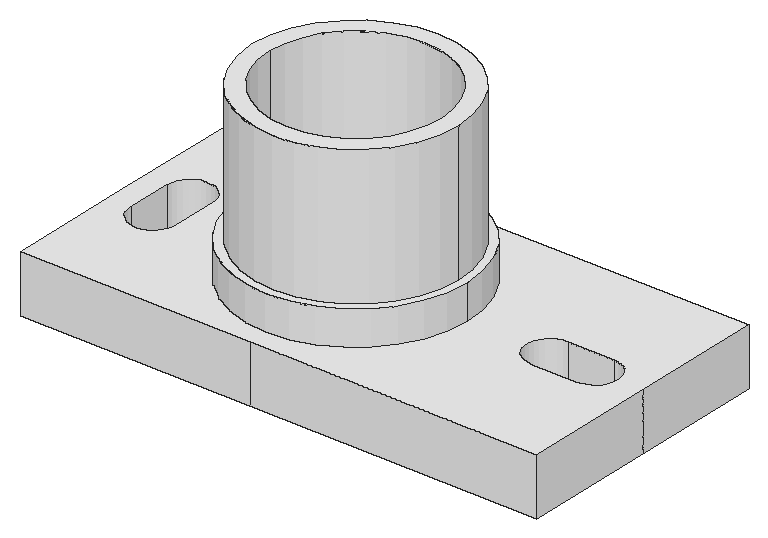
Revit family "QSS+_Опорная площадка", category Обобщенные модели, Revit 2019
Family settings
  Может служить основой для арматурных стержней = Нет
  Размер круглого соединителя = Использовать диаметр
  Тип детали = Нормальный
  На основе рабочей плоскости = Нет
  Всегда вертикально = Нет
  При загрузке вырезать с полостями = Нет
  Общий = Да
  Точка расчета площади = Нет
Parameters (values of type "QSS+_1/2"")
  Тип длины [instance] = 1000 mm
  Поиск в таблице имен = "QSS_Опорная площадка"
  Материал_Корпус = Металл
  d2 [instance] = DN + 4.5 mm  # 19.5 mm
  d1 [instance] = DN + 3 mm  # 18 mm
  DN [instance] = 15 mm
  ADSK_Примечание = ""
  ADSK_Позиция [instance] = ""
  ADSK_Обозначение = ""
  ADSK_Наименование [instance] = size_lookup(Поиск в таблице имен, "ADSK_Наименование", "Нет в каталоге", DN)  # "Опорная площадка анкер М8 / 1/2''"
  ADSK_Масса_Текст [instance] = ""
  ADSK_Масса [instance] = 0
  ADSK_Марка = ""
  ADSK_Код изделия [instance] = size_lookup(Поиск в таблице имен, "ADSK_Код изделия", "Решение не найдено", DN)  # "QSS-OPZ-112389"
  ADSK_Завод-изготовитель = "Agpipe"  # constant formula
  ADSK_Единица измерения = "шт."  # constant formula
Types (3, lengths in mm): name | d2 | d1 | DN | ADSK_Наименование | ADSK_Код изделия
  QSS+_М10 | 14.5 | 13 | 10 | "Опорная площадка анкер М8 / M10" | "QSS-OPZ-112395"
  QSS+_М12 | 16.5 | 15 | 12 | "Опорная площадка анкер М8 / M12" | "QSS-OPZ-112401"
  QSS+_1/2" | 19.5 | 18 | 15 | "Опорная площадка анкер М8 / 1/2''" | "QSS-OPZ-112389"
Reference planes
  plane 1 "По центру (Вперед/Назад)": y = 0
  plane 2: z = 0
  plane 3 "По центру (Влево/Вправо)": x = 0
Forms (mm)
  Extrusion 1, solid, material "Металл" <- "Материал_Корпус"
    sketch origin (0, 0, 0) x (1, 0, 0) y (0, 1, 0)
      loop
        circle (0, 0) r 9
      loop
        circle (0, 0) r 7.5
    from 0 to 20
  Extrusion 2, solid, material "Металл" <- "Материал_Корпус"
    sketch origin (0, 0, 0) x (1, 0, 0) y (0, 1, 0)
      loop
        circle (0, 0) r 9
      loop
        line (0, 11.5) -> (-20, 11.5) -> (-20, 0) -> (-20, -11.5) -> (0, -11.5) -> (25, -11.5) -> (25, 0) -> (25, 11.5) -> (0, 11.5)
      loop
        arc (-18, -2) -> (-16, -4) -> (-14, -2) r 2
        line (-14, -2) -> (-14, 2)
        arc (-14, 2) -> (-16, 4) -> (-18, 2) r 2
        line (-18, 2) -> (-18, -2)
      loop
        line (20.889, 2) -> (16.889, 2)
        arc (16.889, 2) -> (14.889, 0) -> (16.889, -2) r 2
        line (16.889, -2) -> (20.889, -2)
        arc (20.889, -2) -> (22.889, 0) -> (20.889, 2) r 2
    from 0 to 5
  Extrusion 3, solid, material "Металл"
    sketch origin (0, 0, 0) x (1, 0, 0) y (0, 1, 0)
      loop
        circle (0, 0) r 9
      loop
        circle (0, 0) r 9.75
    from 5 to 8
Dimensions and locks
  "DN": diameter of Extrusion 1 sketch curve
  "d1": diameter of Extrusion 1 sketch curve
  "d1": diameter of Extrusion 2 sketch curve
  "d1": diameter of Extrusion 3 sketch curve
  "d2": diameter of Extrusion 3 sketch curve
  aligned and locked: level to plane 2
  aligned and locked: Extrusion 3 to Extrusion 2
Automatic sketch dimensions
  Extrusion 1 sketch curve to Extrusion 1 sketch curve = 0 mm  (x2)
  plane 1 "По центру (Вперед/Назад)" to Extrusion 1 sketch curve = 0 mm
  Extrusion 1 sketch curve to plane 3 "По центру (Влево/Вправо)" = 0 mm
  plane 1 "По центру (Вперед/Назад)" to Extrusion 2 sketch curve = 0 mm  (x4)
  Extrusion 2 sketch curve to plane 3 "По центру (Влево/Вправо)" = 0 mm  (x3)
  Extrusion 2 sketch curve to plane 1 "По центру (Вперед/Назад)" = 2 mm  (x2)
  Extrusion 2 sketch curve to plane 3 "По центру (Влево/Вправо)" = 14 mm
  Extrusion 2 sketch curve to Extrusion 2 sketch curve = 2 mm  (x2)
  plane 3 "По центру (Влево/Вправо)" to Extrusion 2 sketch curve = 16.889 mm
  Extrusion 2 sketch curve to Extrusion 2 sketch curve = 4 mm
  Extrusion 2 sketch curve to Extrusion 2 sketch curve = 4.111 mm
  plane 1 "По центру (Вперед/Назад)" to Extrusion 2 sketch curve = 2 mm
  Extrusion 2 sketch curve to Extrusion 2 sketch curve = 9.5 mm
  Extrusion 2 sketch curve to plane 1 "По центру (Вперед/Назад)" = 11.5 mm
  Extrusion 3 sketch curve to Extrusion 3 sketch curve = 0 mm  (x2)
  plane 1 "По центру (Вперед/Назад)" to Extrusion 3 sketch curve = 0 mm
  Extrusion 3 sketch curve to plane 3 "По центру (Влево/Вправо)" = 0 mm
